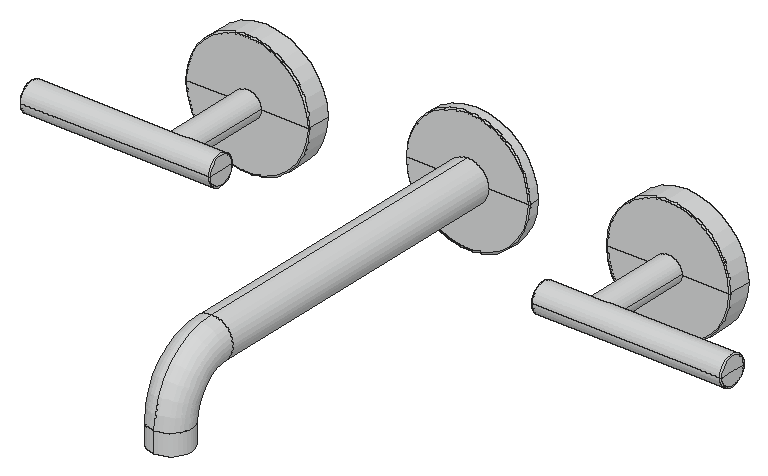
Revit family "TapSet_Wall_Nero_Mecca_BasinBath_185", category Plumbing Fixtures, Revit 2022
Family settings
  Round Connector Dimension = Use Diameter
  Part Type = Normal
  OmniClass Number = 23.31.11.19
  OmniClass Title = Faucet Mixing Valves
  Work Plane-Based = No
  Always vertical = Yes
  Cut with Voids When Loaded = Yes
  Maintain Annotation Orientation = No
  Shared = No
  Room Calculation Point = No
Parameters (values of type "Chrome (25D007CH)")
  Waste Connection = no
  WFU = 0
  Vent Connection = no
  Uniclass2015Version = "Products v1.35"
  Uniclass2015Title = "Taps and water supply outlet fittings"
  Uniclass2015Code = "Pr_40_20_87"
  URL = "https://nerotapware.com.au/"
  Type Comments = "Tap Set - Wall - Basin Bath - 185 - Chrome"
  ModifiedIssue = 20251009
  Model = "25D007CH"
  Material = Metal_Chrome_Nero
  ManufacturerURLProductSpecific = ""
  ManufacturerSpecCode = Model  # "25D007CH"
  ManufacturerOverallWidth = 340 mm  # constant formula
  ManufacturerOverallHeight = 65 mm  # constant formula
  ManufacturerOverallDepth = 195 mm  # constant formula
  Manufacturer = "Nero"
  IfcExportType = "MIXING"
  IfcExportAs = "IfcValve"
  HWFU = 0
  HW Connection = yes
  Description = "Mecca Wall Basin/Bath Set 185mm Spout Chrome"
  Default Elevation = 1050 mm
  CreatedByURL = "https://igsgroup.com.au"
  CreatedBy = "IGS BIM Solutions"  # constant formula
  CWFU = 0
  CW Connection = yes
  Assembly Code = "D2010"
Types (7, lengths in mm): name | Type Comments | Model | Material | ManufacturerSpecCode | Description
  Chrome (25D007CH) | "Tap Set - Wall - Basin Bath - 185 - Chrome" | "25D007CH" | Metal_Chrome_Nero | "25D007CH" | "Mecca Wall Basin/Bath Set 185mm Spout Chrome"
  Matte Black (25D007MB) | "Tap Set - Wall - Basin Bath - 185 - Matte Black" | "25D007MB" | Metal_MatteBlack_Nero | "25D007MB" | "Mecca Wall Basin/Bath Set 185mm Spout Matte Black"
  Brushed Nickel (25D007BN) | "Tap Set - Wall - Basin Bath - 185 - Brushed Nickel" | "25D007BN" | Metal_Nickel_Nero_Brushed | "25D007BN" | "Mecca Wall Basin/Bath Set 185mm Spout Brushed Nickel"
  Gun Metal (25D007GM) | "Tap Set - Wall - Basin Bath - 185 - Gun Metal" | "25D007GM" | Metal_GunMetal_Nero | "25D007GM" | "Mecca Wall Basin/Bath Set 185mm Spout Gun Metal"
  Brushed Gold (25D007BG) | "Tap Set - Wall - Basin Bath - 185 - Brushed Gold" | "25D007BG" | Metal_Gold_Nero_Brushed | "25D007BG" | "Mecca Wall Basin/Bath Set 185mm Spout Brushed Gold"
  Brushed Bronze (25D007BZ) | "Tap Set - Wall - Basin Bath - 185 - Brushed Bronze" | "25D007BZ" | Metal_Bronze_Nero_Brushed | "25D007BZ" | "Mecca Wall Basin/Bath Set 185mm Spout Brushed Bronze"
  Matte White (25D007MW) | "Tap Set - Wall - Basin Bath - 185 - Matte White" | "25D007MW" | Metal_MatteWhite_Nero | "25D007MW" | "Mecca Wall Basin/Bath Set 185mm Spout Matte White"
Reference planes
  plane 1 "Bottom": z = -35
  plane 2 "Center (Left/Right)": x = 0.115
  plane 3 "SpoutCenter (Top/Bottom)": z = 0
  plane 4 "Right": x = 170.115
  plane 5 "Left": x = -169.885
  plane 6 "Front": y = -124.038
  plane 7 "Back": y = 70.962
  plane 8 "Top": z = 30
Forms (mm)
  Extrusion 1, solid, material "Metal_Chrome_Nero" <- "Material"
    sketch origin (636.296, 70.962, -1185) x (1, 0, 0) y (0, 0, 1)
      loop
        circle (-534.181, 1185) r 6.35
      loop
        circle (-738.181, 1185) r 6.35
    from 0 to -1
  Extrusion 2, void
    sketch origin (636.296, 70.962, -1185) x (1, 0, 0) y (0, 0, 1)
      loop
        circle (-738.181, 1185) r 15
      loop
        circle (-534.181, 1185) r 15
    from 0 to -30
  Revolve 3, solid, material "Metal_Chrome_Nero" <- "Material"
    sketch origin (-129.77, 0, 0) x (1, 0, 0) y (0, 1, 0)
      loop
        line (99.885, 70.962) -> (99.885, 66.462)
        arc (99.885, 66.462) -> (100.031, 66.109) -> (100.385, 65.962) r 0.5
        line (100.385, 65.962) -> (129.885, 65.962) -> (129.885, 70.962) -> (99.885, 70.962)
      axis (129.885, 65.962) -> (129.885, 70.962)
    angle from 0 to 360
  Sweep 4, solid, material "Metal_Chrome_Nero" <- "Material"
    path origin (0.115, 74, 47.5) x (0, 1, 0) y (0, 0, 1)
      loop
        line (-3.038, -47.5) -> (-163.038, -47.5)
        arc (-163.038, -47.5) -> (-180.715, -54.822) -> (-188.038, -72.5) r 25
        line (-188.038, -72.5) -> (-188.038, -82.5)
    profile origin (0.115, -9.038, 0) x (0, 0, -1) y (1, 0, 0)
      loop
        circle (0, 0) r 10
  Revolve 5, solid, material "Metal_Chrome_Nero" <- "Material"
    sketch origin (28, 0, 0) x (1, 0, 0) y (0, 1, 0)
      loop
        line (-99.885, 70.962) -> (-129.885, 70.962) -> (-129.885, 13.962) -> (-123.385, 13.962) -> (-123.385, 59.962) -> (-100.385, 59.962)
        arc (-100.385, 59.962) -> (-100.031, 60.109) -> (-99.885, 60.462) r 0.5
        line (-99.885, 60.462) -> (-99.885, 70.962)
      axis (-129.885, 13.962) -> (-129.885, 70.962)
    angle from 0 to 360
  Revolve 6, solid, material "Metal_Chrome_Nero" <- "Material"
    sketch origin (28, 0, 0) x (1, 0, 0) y (0, 1, 0)
      loop
        line (-105.885, 13.962) -> (-105.885, 20.462)
        arc (-105.885, 20.462) -> (-106.031, 20.816) -> (-106.385, 20.962) r 0.5
        line (-106.385, 20.962) -> (-197.385, 20.962)
        arc (-197.385, 20.962) -> (-197.739, 20.816) -> (-197.885, 20.462) r 0.5
        line (-197.885, 20.462) -> (-197.885, 13.962) -> (-105.885, 13.962)
      axis (-105.885, 13.962) -> (-197.885, 13.962)
    angle from 0 to 360
  Revolve 7, solid, material "Metal_Chrome_Nero" <- "Material"
    sketch origin (-27.77, 0, 0) x (1, 0, 0) y (0, 1, 0)
      loop
        line (99.885, 70.962) -> (99.885, 60.462)
        arc (99.885, 60.462) -> (100.031, 60.109) -> (100.385, 59.962) r 0.5
        line (100.385, 59.962) -> (123.385, 59.962) -> (123.385, 13.962) -> (129.885, 13.962) -> (129.885, 70.962) -> (99.885, 70.962)
      axis (129.885, 13.962) -> (129.885, 70.962)
    angle from 0 to 360
  Revolve 8, solid, material "Metal_Chrome_Nero" <- "Material"
    sketch origin (-27.77, 0, 0) x (1, 0, 0) y (0, 1, 0)
      loop
        line (105.885, 13.962) -> (197.885, 13.962) -> (197.885, 20.462)
        arc (197.885, 20.462) -> (197.739, 20.816) -> (197.385, 20.962) r 0.5
        line (197.385, 20.962) -> (106.385, 20.962)
        arc (106.385, 20.962) -> (106.031, 20.816) -> (105.885, 20.462) r 0.5
        line (105.885, 20.462) -> (105.885, 13.962)
      axis (105.885, 13.962) -> (197.885, 13.962)
    angle from 0 to 360
Cuts and joins
  joined: Revolve 3, Sweep 4
  joined: Revolve 5, Revolve 6
  joined: Revolve 7, Revolve 8
Lines and regions (mm)
  Masking region 1
    outline origin (0, 0, 30) x (0, 1, 0) y (-1, 0, 0)
      loop
        line (70.962, 29.885) -> (66.462, 29.885)
        arc (66.462, 29.885) -> (66.109, 29.739) -> (65.962, 29.385) r 0.5
        line (65.962, 29.385) -> (65.962, 9.885) -> (-114.038, 9.885)
        arc (-114.038, 9.885) -> (-124.038, -0.115) -> (-114.038, -10.115) r 10
        line (-114.038, -10.115) -> (65.962, -10.115) -> (65.962, -29.615)
        arc (65.962, -29.615) -> (66.109, -29.969) -> (66.462, -30.115) r 0.5
        line (66.462, -30.115) -> (70.962, -30.115) -> (70.962, 29.885)
      loop
        line (70.962, 131.885) -> (60.462, 131.885)
        arc (60.462, 131.885) -> (60.109, 131.739) -> (59.962, 131.385) r 0.5
        line (59.962, 131.385) -> (59.962, 108.385) -> (20.962, 108.385) -> (20.962, 169.385)
        arc (20.962, 169.385) -> (20.816, 169.739) -> (20.462, 169.885) r 0.5
        line (20.462, 169.885) -> (7.462, 169.885)
        arc (7.462, 169.885) -> (7.109, 169.739) -> (6.962, 169.385) r 0.5
        line (6.962, 169.385) -> (6.962, 78.385)
        arc (6.962, 78.385) -> (7.109, 78.031) -> (7.462, 77.885) r 0.5
        line (7.462, 77.885) -> (20.462, 77.885)
        arc (20.462, 77.885) -> (20.816, 78.031) -> (20.962, 78.385) r 0.5
        line (20.962, 78.385) -> (20.962, 95.385) -> (59.962, 95.385) -> (59.962, 72.385)
        arc (59.962, 72.385) -> (60.109, 72.031) -> (60.462, 71.885) r 0.5
        line (60.462, 71.885) -> (70.962, 71.885) -> (70.962, 131.885)
      loop
        line (70.962, -132.115) -> (70.962, -72.115) -> (60.462, -72.115)
        arc (60.462, -72.115) -> (60.109, -72.261) -> (59.962, -72.615) r 0.5
        line (59.962, -72.615) -> (59.962, -95.615) -> (20.962, -95.615) -> (20.962, -78.615)
        arc (20.962, -78.615) -> (20.816, -78.261) -> (20.462, -78.115) r 0.5
        line (20.462, -78.115) -> (7.462, -78.115)
        arc (7.462, -78.115) -> (7.109, -78.261) -> (6.962, -78.615) r 0.5
        line (6.962, -78.615) -> (6.962, -169.615)
        arc (6.962, -169.615) -> (7.109, -169.969) -> (7.462, -170.115) r 0.5
        line (7.462, -170.115) -> (20.462, -170.115)
        arc (20.462, -170.115) -> (20.816, -169.969) -> (20.962, -169.615) r 0.5
        line (20.962, -169.615) -> (20.962, -108.615) -> (59.962, -108.615) -> (59.962, -131.615)
        arc (59.962, -131.615) -> (60.109, -131.969) -> (60.462, -132.115) r 0.5
        line (60.462, -132.115) -> (70.962, -132.115)
  symbolic lines, style "Taps/Mixers", detail levels medium+fine
    curve 1: line (-9.885, 65.962, 30) -> (10.115, 65.962, 30)
    curve 2: line (95.615, 59.962, 30) -> (108.615, 59.962, 30)
    curve 3: line (-108.385, 59.962, 30) -> (-95.385, 59.962, 30)
  symbolic lines, style "Taps/Mixers"
    curve 4: arc (-9.885, -124.038, 0) -> (0.115, -124.038, 10) -> (10.115, -124.038, 0) r 10
    curve 5: line (-95.385, 20.962, 30) -> (-108.385, 20.962, 30)
    curve 6: line (95.615, 20.962, 30) -> (108.615, 20.962, 30)
Text (mm)
  text "Disclaimer:\nDue to ongoing product development and manufacturing evolution, product details are subject to change without notice. Please refer to product technical data sheets on the manufacturers website for the most current product information. Please allow a +/- 5mm manufacturing tolerance for dimensions and set-outs shown in product literature." at (347.32, 148.915, 0), in view "Ref. Level"
Dimensions and locks
  equal spacing: plane 5 "Left", plane 2 "Center (Left/Right)", plane 4 "Right"
  "ManufacturerOverallWidth": plane 5 "Left" to plane 4 "Right"
  "ManufacturerOverallDepth": plane 6 "Front" to plane 7 "Back"
  "ManufacturerOverallHeight": plane 8 "Top" to plane 1 "Bottom"
Automatic sketch dimensions
  Revolve 3 sketch curve to Revolve 3 sketch curve = 4.5 mm
  Revolve 3 sketch curve to Revolve 3 sketch curve = 5 mm
  Revolve 3 sketch curve to Revolve 3 sketch curve = 13.414 mm
  Sweep 4 sketch curve to profile plane = 0 mm  (x2)
  Extrusion 1 sketch curve to Extrusion 1 sketch curve = 204 mm
  Extrusion 1 sketch curve to Extrusion 1 sketch curve = 0 mm
  Extrusion 2 sketch curve to Extrusion 2 sketch curve = 204 mm
  Extrusion 2 sketch curve to Extrusion 2 sketch curve = 0 mm
  Revolve 3 sketch curve to Revolve 3 sketch curve = 29.5 mm
  Revolve 3 sketch curve to Revolve 3 sketch curve = 1.586 mm
  Revolve 3 sketch curve to Revolve 3 sketch curve = 0 mm
  Sweep 4 sketch curve to Sweep 4 sketch curve = 25 mm
  Sweep 4 sketch curve to Sweep 4 sketch curve = 160 mm
  Sweep 4 sketch curve to Sweep 4 sketch curve = 10 mm
  Extrusion 1 sketch curve to level = 0 mm
  Extrusion 1 sketch curve to plane 5 "Left" = 68 mm
  Extrusion 2 sketch curve to level = 0 mm
  Extrusion 2 sketch curve to plane 5 "Left" = 68 mm
  plane 7 "Back" to Revolve 3 sketch curve = 0 mm
  Revolve 3 sketch curve to plane 2 "Center (Left/Right)" = 0 mm
  Sweep 4 sketch curve to plane 1 "Bottom" = 0 mm
  Sweep 4 sketch curve to plane 7 "Back" = 0 mm
  Masking region 1 sketch curve to plane 2 "Center (Left/Right)" = 0 mm
  plane 7 "Back" to Masking region 1 sketch curve = 0 mm  (x3)
  Masking region 1 sketch curve to Masking region 1 sketch curve = 4.5 mm
  plane 7 "Back" to Masking region 1 sketch curve = 4.5 mm
  Masking region 1 sketch curve to Masking region 1 sketch curve = 0.5 mm  (x8)
  plane 7 "Back" to Masking region 1 sketch curve = 5 mm
  Masking region 1 sketch curve to plane 6 "Front" = 10 mm
  plane 2 "Center (Left/Right)" to Masking region 1 sketch curve = 30 mm
  plane 2 "Center (Left/Right)" to Masking region 1 sketch curve = 10 mm
  Masking region 1 sketch curve to Masking region 1 sketch curve = 19.5 mm
  curve 4 to level = 0 mm
  curve 4 to plane 2 "Center (Left/Right)" = 0 mm
  plane 2 "Center (Left/Right)" to curve 4 = 10 mm
  plane 7 "Back" to Revolve 5 sketch curve = 0 mm
  Revolve 5 sketch curve to plane 5 "Left" = 68 mm
  Revolve 5 sketch curve to Revolve 5 sketch curve = 6.5 mm
  plane 7 "Back" to Revolve 5 sketch curve = 10.5 mm
  Revolve 5 sketch curve to Revolve 5 sketch curve = 23 mm
  Revolve 5 sketch curve to Revolve 5 sketch curve = 0.5 mm
  Revolve 5 sketch curve to Revolve 5 sketch curve = 46 mm
  Revolve 5 sketch curve to Revolve 5 sketch curve = 0 mm
  Revolve 5 sketch curve to Revolve 5 sketch curve = 7.414 mm
  Revolve 5 sketch curve to plane 7 "Back" = 1.586 mm
  Revolve 6 sketch curve to plane 5 "Left" = 0 mm
  Revolve 6 sketch curve to Revolve 6 sketch curve = 0.5 mm  (x2)
  Revolve 6 sketch curve to plane 2 "Center (Left/Right)" = 78.5 mm
  plane 7 "Back" to Revolve 6 sketch curve = 57 mm
  Revolve 6 sketch curve to Revolve 6 sketch curve = 6.5 mm
  Revolve 6 sketch curve to Revolve 6 sketch curve = 37.896 mm
  Revolve 6 sketch curve to Revolve 6 sketch curve = 0.115 mm
  Revolve 6 sketch curve to Revolve 6 sketch curve = 0 mm
  plane 7 "Back" to Revolve 7 sketch curve = 0 mm
  plane 2 "Center (Left/Right)" to Revolve 7 sketch curve = 72 mm
  Revolve 7 sketch curve to Revolve 7 sketch curve = 0.5 mm
  Revolve 7 sketch curve to Revolve 7 sketch curve = 23 mm
  Revolve 7 sketch curve to Revolve 7 sketch curve = 6.5 mm
  plane 7 "Back" to Revolve 7 sketch curve = 10.5 mm
  Revolve 7 sketch curve to Revolve 7 sketch curve = 46 mm
  Revolve 7 sketch curve to Revolve 7 sketch curve = 0 mm
  Revolve 7 sketch curve to Revolve 7 sketch curve = 7.414 mm
  Revolve 7 sketch curve to plane 7 "Back" = 1.586 mm
  Revolve 8 sketch curve to plane 4 "Right" = 0 mm
  Revolve 8 sketch curve to plane 4 "Right" = 0.5 mm
  plane 2 "Center (Left/Right)" to Revolve 8 sketch curve = 78.5 mm
  Revolve 8 sketch curve to Revolve 8 sketch curve = 0.5 mm
  plane 7 "Back" to Revolve 8 sketch curve = 57 mm
  Revolve 8 sketch curve to Revolve 8 sketch curve = 6.5 mm
  Revolve 8 sketch curve to Revolve 8 sketch curve = 37.896 mm
  Revolve 8 sketch curve to Revolve 8 sketch curve = 0.115 mm
  Revolve 8 sketch curve to Revolve 8 sketch curve = 0 mm
  Masking region 1 sketch curve to plane 4 "Right" = 0 mm
  Masking region 1 sketch curve to plane 5 "Left" = 0 mm
  plane 7 "Back" to Masking region 1 sketch curve = 64 mm  (x2)
  Masking region 1 sketch curve to plane 4 "Right" = 0.5 mm  (x2)
  Masking region 1 sketch curve to plane 5 "Left" = 0.5 mm
  Masking region 1 sketch curve to Masking region 1 sketch curve = 13 mm  (x6)
  Masking region 1 sketch curve to Masking region 1 sketch curve = 0 mm  (x2)
  plane 7 "Back" to Masking region 1 sketch curve = 11 mm  (x4)
  Masking region 1 sketch curve to plane 4 "Right" = 38 mm
  Masking region 1 sketch curve to Masking region 1 sketch curve = 23 mm  (x4)
  Masking region 1 sketch curve to Masking region 1 sketch curve = 17 mm
  Masking region 1 sketch curve to Masking region 1 sketch curve = 42 mm
  Masking region 1 sketch curve to Masking region 1 sketch curve = 5.5 mm
  plane 7 "Back" to curve 3 = 11 mm
  plane 7 "Back" to curve 2 = 11 mm
  curve 2 to plane 4 "Right" = 61.5 mm
  plane 7 "Back" to curve 1 = 5 mm
  curve 2 to curve 2 = 13 mm
  plane 2 "Center (Left/Right)" to curve 1 = 10 mm
  curve 1 to plane 2 "Center (Left/Right)" = 10 mm
  curve 3 to plane 5 "Left" = 74.5 mm
  curve 3 to curve 3 = 13 mm
  radius of Extrusion 1 sketch curve = 6.35 mm  (x2)
  radius of Extrusion 2 sketch curve = 15 mm  (x2)
  radius of Sweep 4 sketch curve = 10 mm
Connectors
  piping at (102.115, 71.962, 0), diameter 12.7, driven by "CW Connection"
    settings: on Extrusion 1, index 1, connector inside diameter 609.6 mm, connector length 0 mm, flow factor 0, pipe flow 0.0 L/s, pressure drop 0.0 Pa, fitting loss kfactor 0, connector angle 0.00°, fixture units 0, engagement length 0 mm, angle of deflection 0.00°, flow configuration 2, flow direction 1, fitting loss method 0, system type 20, joint type 0, gender type 0, connector reference index -1, connector utility 1, adjustable connector no, is connector primary yes, connector description "Cold Water Supply"
  piping at (-101.885, 71.962, 0), diameter 12.7, driven by "HW Connection"
    settings: on Extrusion 1, index 2, connector inside diameter 609.6 mm, connector length 0 mm, flow factor 0, pipe flow 0.0 L/s, pressure drop 0.0 Pa, fitting loss kfactor 0, connector angle 0.00°, fixture units 0, engagement length 0 mm, angle of deflection 0.00°, flow configuration 2, flow direction 1, fitting loss method 0, system type 19, joint type 0, gender type 0, connector reference index -1, connector utility 1, adjustable connector no, is connector primary no, connector description "Hot Water Supply"
